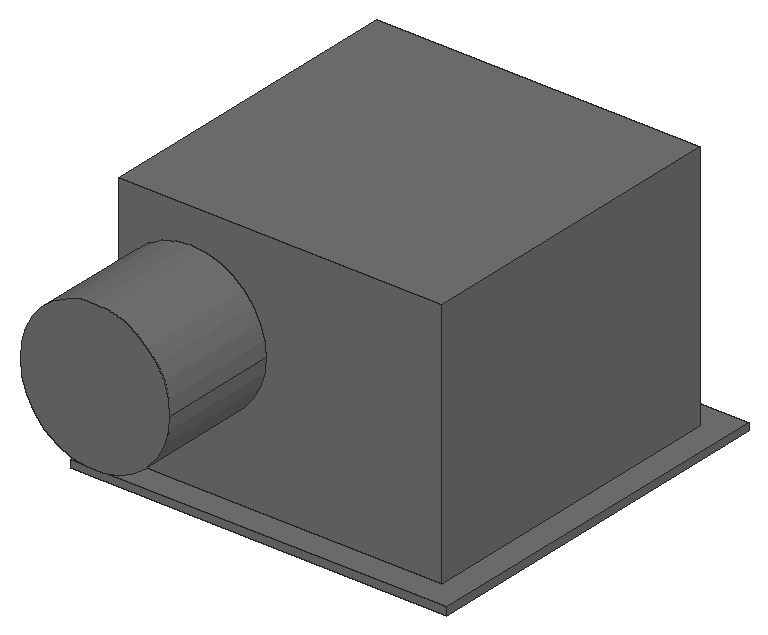
Revit family "vd-10_20z(l)(p)(s)c14-in_50Hz", category 機械設備, Revit 2019
Family settings
  丸型コネクタ寸法 = 直径を使用
  パーツ タイプ = 標準
  OmniClass 番号 = 23.75.35.17.27
  OmniClass タイトル = Centrifugal Fans
  作業面ベース = いいえ
  常に垂直 = はい
  ロード時にボイドで切り取り = いいえ
  共有 = いいえ
  部屋計算ポイント = はい
Parameters (values of type "VD-20ZLC14-IN")
  騒音レベル(dB(A)) [instance] = 36.5
  風量 [instance] = 420.0 m³/h
  電源種別 [instance] = ""
  電圧 = 100 V
  電動機出力 = 0 W
  電動機_種別 [instance] = ""
  運転質量 = 0.00 kg
  連動 [instance] = ""
  質量 = if(製品質量 > 運転質量, 製品質量, 運転質量) * 1.2  # 3.96 kg
  負荷分類 = 3_ファン類
  説明 = "ダクト用換気扇 低騒音形 24時間換気機能付 グリル別売タイプ"
  設計風量 [instance] = 0.0 m³/h
  設置方法 = "天埋"
  記号 [instance] = ""
  製造元 = "三菱電機株式会社"
  製品質量 = 3.30 kg
  製品出荷対象 = "国内"
  製品リリース年月 = "2024年6月3日"
  製品グループ = ""
  系統 [instance] = ""
  符号 [instance] = if(☑給気／□排気, "FS", "FE")  # "FE"
  積算_科目 = "2 換気設備"
  積算_拾い区分 [instance] = ""
  相 = 1
  盤記号 [instance] = ""
  発停方法 [instance] = ""
  特殊仕様 [instance] = ""
  火災停止 [instance] = ""
  消費電力 = 44 W
  法定耐用年数 = "15"
  機外静圧 [instance] = 0.0 Pa
  極数 = 2
  材質 [instance] = ""
  操作・制御方式 = ""
  操作・制御スイッチ = ""
  排気量 [instance] = if(☑給気／□排気, 0.0 m³/h, 設計風量)  # 0.0 m³/h
  形式 = "天井埋込ダクト形"
  幹線記号 [instance] = ""
  対象室 [instance] = ""
  実風量 [instance] = 0.0 m³/h
  始動方式 [instance] = "直入"
  外気量 [instance] = if(☑給気／□排気, 設計風量, 0.0 m³/h)  # 0.0 m³/h
  呼称 = "天井扇"
  周波数 = 50 Hz
  参照している仕様書等のバージョン = ""
  分類コード = "50052503100030"
  分類グループ = ""
  価格 = 51800
  企業コード = "108420"
  付属品_防振装置 = ""
  付属品 [instance] = ""
  仕様書バージョン = "Version1.0"
  モデル = "VD-20ZLC14-IN"
  マテリアル = 合成樹脂(黒)
  ファンの種類 = ""
  ダクト径 = 150 mm
  コメント [instance] = ""
  Keynote = ""
  ☑給気／□排気 [instance] = no
  Width = 310 mm
  W1 = 362 mm
  Version = ""
  Uniclass2015Version = "Systems v1.9"
  Uniclass2015Title = "Centrifugal fans"
  Uniclass2015Code = "Pr_65_67_29_12"
  URL = "https://www.mitsubishielectric.co.jp/ldg/wink/qr/002/333518/"
  SpecificationReference = ""
  SpecificationDescription = ""
  Revision = ""
  ProductInformation = ""
  OmniClassCode = "23-33 31 19 11 15"
  MIN風量 = 220.0 m³/h
  MIN静圧 = 0.0 Pa
  MID風量 = 0.0 m³/h
  MID静圧 = 0.0 Pa
  MAX風量 = 420.0 m³/h
  MAX静圧 = 0.0 Pa
  IfcTypeProduct = ""
  IfcProduct = ""
  IfcExportType = "PROPELLORAXIAL"
  IfcExportAs = "IfcFanType"
  Height = 240 mm
  H1 = 7 mm
  EAサイズ_D = 144 mm
  Duct_Height = 135 mm
  Duct_Depth = 115 mm
  Duct_Center = 86 mm
  Depth = 310 mm
  D1 = 362 mm
  Author = "三菱電機株式会社"
Types (13, lengths in mm): name | 騒音レベル(dB(A)) | 風量 | 質量 | 説明 | 製品質量 | 製品リリース年月 | 消費電力 | 価格 | モデル | ダクト径 | Width | W1 | URL | MIN風量 | MAX風量 | Height | EAサイズ_D | Duct_Height | Duct_Depth | Duct_Center | Depth | D1
  VD-10ZC14-IN | 21.5 | 90.0 m³/h | 1.44 kg | "ダクト用換気扇 低騒音形 グリル別売タイプ" | 1.20 kg | "2024年4月1日" | 7.2 W | 19000 | "VD-10ZC14-IN" | 100 | 174 | 223 | "https://www.mitsubishielectric.co.jp/ldg/wink/qr/002/333558/" | 0.0 m³/h | 90.0 m³/h | 184 | 98 | 102 | 109 | 0 | 174 | 223
  VD-10ZLC14-IN | 21.5 | 90.0 m³/h | 1.44 kg | "ダクト用換気扇 低騒音形 24時間換気機能付 グリル別売タイプ" | 1.20 kg | "2024年4月1日" | 7.2 W | 22900 | "VD-10ZLC14-IN" | 100 | 174 | 223 | "https://www.mitsubishielectric.co.jp/ldg/wink/qr/002/333567/" | 55.0 m³/h | 90.0 m³/h | 184 | 98 | 102 | 109 | 0 | 174 | 223
  VD-13ZC14-IN | 27.5 | 125.0 m³/h | 1.68 kg | "ダクト用換気扇 低騒音形 グリル別売タイプ" | 1.40 kg | "2024年4月1日" | 13 W | 22700 | "VD-13ZC14-IN" | 100 | 198 | 250 | "https://www.mitsubishielectric.co.jp/ldg/wink/qr/002/333582/" | 0.0 m³/h | 125.0 m³/h | 195 | 98 | 102 | 109 | 56 | 198 | 250
  VD-13ZLC14-IN | 27.5 | 125.0 m³/h | 1.68 kg | "ダクト用換気扇 低騒音形 24時間換気機能付 グリル別売タイプ" | 1.40 kg | "2024年4月1日" | 13 W | 26100 | "VD-13ZLC14-IN" | 100 | 198 | 250 | "https://www.mitsubishielectric.co.jp/ldg/wink/qr/002/333591/" | 70.0 m³/h | 125.0 m³/h | 195 | 98 | 102 | 109 | 56 | 198 | 250
  VD-15ZC14-IN | 28.5 | 180.0 m³/h | 2.88 kg | "ダクト用換気扇 低騒音形 グリル別売タイプ" | 2.40 kg | "2024年6月3日" | 14 W | 22700 | "VD-15ZC14-IN" | 100 | 254 | 306 | "https://www.mitsubishielectric.co.jp/ldg/wink/qr/002/333604/" | 0.0 m³/h | 180.0 m³/h | 200 | 98 | 109 | 109 | 0 | 254 | 306
  VD-15ZLC14-IN | 28.5 | 180.0 m³/h | 2.88 kg | "ダクト用換気扇 低騒音形 24時間換気機能付 グリル別売タイプ" | 2.40 kg | "2024年6月3日" | 14 W | 27300 | "VD-15ZLC14-IN" | 100 | 254 | 306 | "https://www.mitsubishielectric.co.jp/ldg/wink/qr/002/333617/" | 90.0 m³/h | 180.0 m³/h | 200 | 98 | 109 | 109 | 0 | 254 | 306
  VD-15ZLPC14-IN | 34 | 220.0 m³/h | 2.88 kg | "ダクト用換気扇 低騒音形 24時間換気機能付 グリル別売タイプ" | 2.40 kg | "2024年6月3日" | 20 W | 28800 | "VD-15ZLPC14-IN" | 100 | 254 | 306 | "https://www.mitsubishielectric.co.jp/ldg/wink/qr/002/333619/" | 110.0 m³/h | 220.0 m³/h | 200 | 98 | 109 | 109 | 0 | 254 | 306
  VD-15ZPC14-IN | 34 | 220.0 m³/h | 2.88 kg | "ダクト用換気扇 低騒音形 グリル別売タイプ" | 2.40 kg | "2024年6月3日" | 20 W | 24400 | "VD-15ZPC14-IN" | 100 | 254 | 306 | "https://www.mitsubishielectric.co.jp/ldg/wink/qr/002/333628/" | 0.0 m³/h | 220.0 m³/h | 200 | 98 | 109 | 109 | 0 | 254 | 306
  VD-18ZC14-IN | 30 | 320.0 m³/h | 3.84 kg | "ダクト用換気扇 低騒音形 グリル別売タイプ" | 3.20 kg | "2024年6月3日" | 26 W | 35900 | "VD-18ZC14-IN" | 150 | 310 | 362 | "https://www.mitsubishielectric.co.jp/ldg/wink/qr/002/333646/" | 0.0 m³/h | 320.0 m³/h | 240 | 144 | 135 | 115 | 86 | 310 | 362
  VD-18ZLC14-IN | 30 | 320.0 m³/h | 3.84 kg | "ダクト用換気扇 低騒音形 24時間換気機能付 グリル別売タイプ" | 3.20 kg | "2024年6月3日" | 26 W | 40200 | "VD-18ZLC14-IN" | 150 | 310 | 362 | "https://www.mitsubishielectric.co.jp/ldg/wink/qr/002/333651/" | 175.0 m³/h | 320.0 m³/h | 240 | 144 | 135 | 115 | 86 | 310 | 362
  VD-18ZLSC14-IN | 37.5 | 265.0 m³/h | 3.96 kg | "ダクト用換気扇 低騒音形 24時間換気機能付 グリル別売タイプ" | 3.30 kg | "2024年6月3日" | 31 W | 41300 | "VD-18ZLSC14-IN" | 100 | 310 | 362 | "https://www.mitsubishielectric.co.jp/ldg/wink/qr/002/333654/" | 140.0 m³/h | 265.0 m³/h | 200 | 98 | 109 | 109 | 0 | 310 | 362
  VD-20ZC14-IN | 36.5 | 420.0 m³/h | 3.96 kg | "ダクト用換気扇 低騒音形 グリル別売タイプ" | 3.30 kg | "2024年6月3日" | 44 W | 46200 | "VD-20ZC14-IN" | 150 | 310 | 362 | "https://www.mitsubishielectric.co.jp/ldg/wink/qr/002/333514/" | 0.0 m³/h | 420.0 m³/h | 240 | 144 | 135 | 115 | 86 | 310 | 362
  VD-20ZLC14-IN | 36.5 | 420.0 m³/h | 3.96 kg | "ダクト用換気扇 低騒音形 24時間換気機能付 グリル別売タイプ" | 3.30 kg | "2024年6月3日" | 44 W | 51800 | "VD-20ZLC14-IN" | 150 | 310 | 362 | "https://www.mitsubishielectric.co.jp/ldg/wink/qr/002/333518/" | 220.0 m³/h | 420.0 m³/h | 240 | 144 | 135 | 115 | 86 | 310 | 362
Reference planes
  plane 1 "中心(正面/背面)": y = 0
  plane 2: z = 0
  plane 3 "中心(左/右)": x = 0
  plane 4: x = -181
  plane 5: x = 181
  plane 6: y = 181
  plane 7: y = -181
  plane 8: x = -155
  plane 9: x = 155
  plane 10: y = 155
  plane 11: y = -155
  plane 12: y = -270
  plane 13: z = 240
  plane 14: z = -7
  plane 15: z = 135
  plane 16: x = -86
Forms (mm)
  Extrusion 1, solid, material "合成樹脂(黒)" <- "マテリアル", detail levels fine
    sketch origin (0, 0, 0) x (1, 0, 0) y (0, 1, 0)
      loop
        line (-155, 155) -> (-155, -155) -> (155, -155) -> (155, 155) -> (-155, 155)
    from 0 to 240
  Extrusion 2, solid, material "合成樹脂(黒)" <- "マテリアル", detail levels fine
    sketch origin (0, 0, 0) x (1, 0, 0) y (0, 1, 0)
      loop
        line (-181, 181) -> (-181, -181) -> (181, -181) -> (181, 181) -> (-181, 181)
    from 0 to -7
  Extrusion 3, solid, material "合成樹脂(黒)" <- "マテリアル", detail levels fine
    sketch origin (0, 0, 0) x (1, 0, 0) y (0, 0, 1)
      loop
        circle (-86, 135) r 72
    from 155 to 270
Dimensions and locks
  equal spacing: plane 4, plane 3 "中心(左/右)", plane 5
  "W1": plane 4 to plane 5
  equal spacing: plane 6, plane 1 "中心(正面/背面)", plane 7
  "D1": plane 6 to plane 7
  equal spacing: plane 8, plane 3 "中心(左/右)", plane 9
  "Width": plane 8 to plane 9
  equal spacing: plane 10, plane 1 "中心(正面/背面)", plane 11
  "Depth": plane 10 to plane 11
  "Duct_Depth": plane 11 to plane 12
  "Height": plane 13 to plane 2
  "Duct_Height": plane 15 to plane 2
  "H1": plane 2 to plane 14
  "Duct_Center": plane 3 "中心(左/右)" to plane 16
  "EAサイズ_D": diameter of Extrusion 3 sketch curve
  aligned and locked: level to plane 2
  aligned and locked: plane 5 to Extrusion 2
  aligned and locked: plane 6 to Extrusion 2
  aligned and locked: Extrusion 2 to plane 4
  aligned and locked: Extrusion 2 to plane 7
  aligned and locked: plane 9 to Extrusion 1
  aligned and locked: Extrusion 1 to plane 11
  aligned and locked: Extrusion 1 to plane 8
  aligned and locked: plane 10 to Extrusion 1
  aligned and locked: plane 13 to Extrusion 1
  aligned and locked: Extrusion 2 to plane 14
  aligned and locked: level to Extrusion 2
  aligned and locked: Extrusion 1 to level
  aligned and locked: Extrusion 3 to plane 12
  aligned and locked: plane 11 to Extrusion 3
Automatic sketch dimensions
  Extrusion 1 sketch curve to plane 3 "中心(左/右)" = 155 mm
  plane 3 "中心(左/右)" to Extrusion 1 sketch curve = 155 mm
  Extrusion 2 sketch curve to plane 3 "中心(左/右)" = 181 mm
  plane 3 "中心(左/右)" to Extrusion 2 sketch curve = 181 mm
  plane 1 "中心(正面/背面)" to Extrusion 1 sketch curve = 155 mm
  Extrusion 1 sketch curve to plane 1 "中心(正面/背面)" = 155 mm
  plane 1 "中心(正面/背面)" to Extrusion 2 sketch curve = 181 mm
  Extrusion 2 sketch curve to plane 1 "中心(正面/背面)" = 181 mm
  Extrusion 3 sketch curve to plane 15 = 0 mm
  Extrusion 3 sketch curve to plane 16 = 0 mm
Nested families
  nested 1: "記号_天井換気扇_平面" at (0, 0, 0), type "記号_天井換気扇_平面", detail levels coarse+medium
Connectors
  hvac at (-86, -270, 135), driven by "ダクト径", driven by "風量", driven by "機外静圧"
    settings: on Extrusion 3, index 1, duct flow 420.0 m³/h, flow factor 0, pres drop 0.0 Pa, loss coef 0, conn angle 0.00°, conn width 304.8 mm, conn height 304.8 mm, conn diameter 150 mm, duct sys type 3, conn prof type 0, flow config 0, flow direction 2, loss method 4, conn ref index -1, conn util no, is conn primary yes, conn desc ""
  electrical at (0, 0, 240), driven by "極数", driven by "負荷分類", driven by "電圧", driven by "消費電力"
    settings: on Extrusion 1, index 2, voltage 100 V, apparent load 44 VA, apparent load phase1 0 VA, apparent load phase2 0 VA, apparent load phase3 0 VA, power factor 1, load classification "3_ファン類", number of poles 2, system type 30, power factor state 1, is connector primary yes, connector utility no, sub classification motor no, connector description ""
Definition of nested family "記号_天井換気扇_平面"
  Reference planes
    plane 1: y = 0
    plane 2: x = 0
  Lines and regions (mm)
    detail lines
      curve 1: line (-2.5, 2.5, 0) -> (2.5, 2.5, 0)
      curve 2: line (-2.5, -2.5, 0) -> (-2.5, 2.5, 0)
      curve 3: line (2.5, -2.5, 0) -> (-2.5, -2.5, 0)
      curve 4: line (2.5, 2.5, 0) -> (2.5, -2.5, 0)
      curve 5: circle (-1.04, -1.04, 0) r 1.46 normal (0, 0, 1)
      curve 6: circle (1.04, 1.04, 0) r 1.46 normal (0, 0, 1)
      curve 7: line (-3.125, 3.125, 0) -> (3.125, 3.125, 0)
      curve 8: line (-3.125, -3.125, 0) -> (-3.125, 3.125, 0)
      curve 9: line (3.125, -3.125, 0) -> (-3.125, -3.125, 0)
      curve 10: line (3.125, 3.125, 0) -> (3.125, -3.125, 0)
      curve 11: circle (1.295, 1.295, 0) r 1.83 normal (0, 0, 1)
      curve 12: circle (-1.295, -1.295, 0) r 1.83 normal (0, 0, 1)
      curve 13: line (-2, 2, 0) -> (2, 2, 0)
      curve 14: line (-2, -2, 0) -> (-2, 2, 0)
      curve 15: line (2, -2, 0) -> (-2, -2, 0)
      curve 16: line (2, 2, 0) -> (2, -2, 0)
      curve 17: circle (0.84, 0.84, 0) r 1.16 normal (0, 0, 1)
      curve 18: circle (-0.84, -0.84, 0) r 1.2 normal (0, 0, 1)
